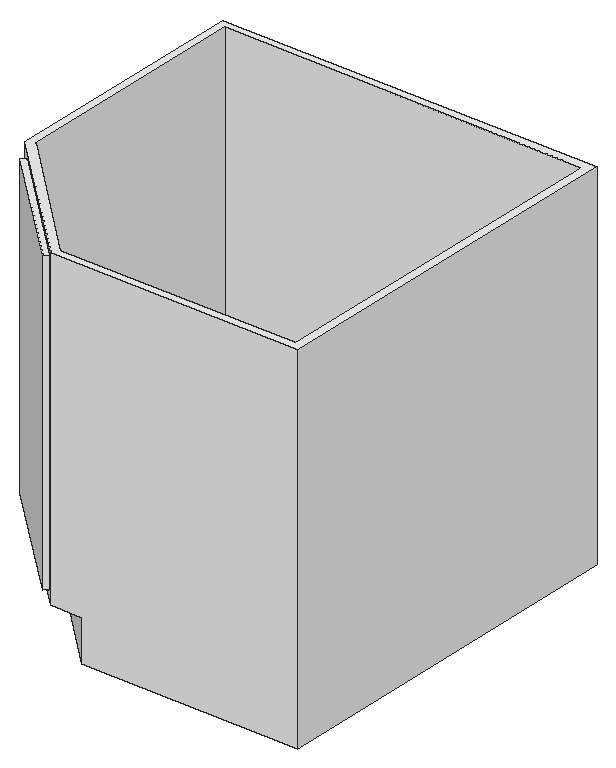
Revit family "M_Armário base-Unidade de canto-Angular", category Componentes de gabinete, Revit 2019
Family settings
  Número OmniClass = 23.40.35.17.47.11
  Título OmniClass = Kitchen Casework
  ID de item do Seek = Base Cabinet-Corner Unit-Angled-0000-CAN-ENU
  Com base no plano de trabalho = Não
  Sempre na vertical = Sim
  Corte com vazios quando carregada = Não
  Compartilhado = Não
  Ponto de cálculo do ambiente = Não
Parameters (values of type "900mm")
  Material do armário = none
  Linear = 900 mm
  Material da porta/gaveta = none
  Altura = 860 mm
  Altura do plinto = 100 mm
  Width = 900 mm
Reference planes
  plane 1 "Parte posterior": y = 0
  plane 2: z = 0
  plane 3 "Esquerda": x = -387.662
  plane 4 "Direita": x = 512.338
  plane 5 "Parte frontal": y = -900
  plane 6 "Superior": z = 860
  plane 7: z = 100
  plane 8: z = 840.95
  plane 9: z = 119.05
  plane 10: x = -368.612
  plane 11: x = 493.288
  plane 12: z = 802.85
  plane 13: z = 701.25
  plane 14: y = -595.2
  plane 15: x = -82.862
  plane 16: y = -519
  plane 17: x = -6.662
Forms (mm)
  Extrusion 1, solid, material <- "Material do armário"
    sketch origin (0, 0, 0) x (1, 0, 0) y (0, 1, 0)
      loop
        line (-387.662, 0) -> (-387.662, -519.622) -> (-6.662, -900) -> (512.338, -900) -> (512.338, 0) -> (-387.662, 0)
    from 0 to 100
  Extrusion 2, solid, material <- "Material do armário"
    sketch origin (0, 0, 0) x (1, 0, 0) y (0, 1, 0)
      loop
        line (-368.612, -19.05) -> (-368.612, -587.944) -> (-74.983, -880.95) -> (493.288, -880.95) -> (493.288, -19.05) -> (-368.612, -19.05)
    from 119.05 to 100
  Extrusion 3, solid, material <- "Material do armário"
    sketch origin (0, 0, 0) x (1, 0, 0) y (0, 1, 0)
      loop
        line (-387.662, 0) -> (-387.662, -595.846) -> (-368.612, -587.944) -> (-368.612, -19.05) -> (493.288, -19.05) -> (493.288, -880.95) -> (-74.983, -880.95) -> (-82.862, -900) -> (512.338, -900) -> (512.338, 0) -> (-387.662, 0)
    from 100 to 860
  Extrusion 4, solid, material <- "Material do armário"
    sketch origin (0, 0, 0) x (1, 0, 0) y (0, 1, 0)
      loop
        line (-387.662, -595.846) -> (-82.862, -900) -> (-74.983, -880.95) -> (-368.612, -587.944) -> (-387.662, -595.846)
    from 100 to 860
  Extrusion 5, void
    sketch origin (-387.662, -595.846, 860) x (0, 0, 1) y (0.707857, -0.706356, 0)
      loop
        line (-19.05, 30.942) -> (-19.05, 405.592) -> (-740.95, 405.592) -> (-740.95, 30.942) -> (-19.05, 30.942)
    from 0 to 19.05
  Extrusion 6, solid, material <- "Material da porta/gaveta"
    sketch origin (-387.662, -595.846, 860) x (0, 0, -1) y (0.707857, -0.706356, 0)
      loop
        line (19.05, 30.942) -> (740.95, 30.942) -> (740.95, 405.592) -> (19.05, 405.592) -> (19.05, 30.942)
    from -19.05 to 12.7
Cuts and joins
  Extrusion 5 cuts Extrusion 2
  Extrusion 5 cuts Extrusion 1
  Extrusion 5 cuts Extrusion 3
  Extrusion 5 cuts Extrusion 4
  joined: Extrusion 1, Extrusion 3, Extrusion 4
Lines and regions (mm)
  Masking region 1
    outline origin (0, 0, 0) x (1, 0, 0) y (0, 1, 0)
      loop
        line (-387.662, 0) -> (-387.662, -595.2) -> (-82.862, -900) -> (512.338, -900) -> (512.338, 0) -> (-387.662, 0)
Dimensions and locks
  "Linear": plane 5 "Parte frontal" to plane 1 "Parte posterior"
  "Linear": plane 3 "Esquerda" to plane 4 "Direita"
  "Altura": level to plane 6 "Superior"
  "Altura do plinto": plane 2 to plane 7
  locked: plane 3 "Esquerda" to plane 10 at 19.05
  locked: plane 11 to plane 4 "Direita" at 19.05
  locked: plane 6 "Superior" to plane 8 at 19.05
  locked: plane 9 to plane 7 at 19.05
  locked: plane 12 to plane 13 at 101.6
  plane 8 to plane 12 = 38.1 mm
  plane 5 "Parte frontal" to plane 14 = 304.8 mm
  plane 3 "Esquerda" to plane 15 = 304.8 mm
  plane 14 to plane 16 = 76.2 mm
  plane 15 to plane 17 = 76.2 mm
  aligned and locked: plane 1 "Parte posterior" to Extrusion 1 sketch curve
  aligned and locked: plane 4 "Direita" to Extrusion 1 sketch curve
  aligned and locked: Extrusion 1 sketch curve to plane 3 "Esquerda"
  aligned and locked: Extrusion 1 to level
  aligned and locked: Extrusion 2 to plane 9
  aligned and locked: plane 7 to Extrusion 2
  aligned and locked: Extrusion 1 to plane 7
  aligned and locked: Extrusion 1 sketch curve to plane 5 "Parte frontal"
  aligned and locked: Extrusion 3 to plane 6 "Superior"
  aligned and locked: plane 7 to Extrusion 3
  aligned and locked: Extrusion 4 to plane 6 "Superior"
  aligned and locked: plane 7 to Extrusion 4
  aligned and locked: plane 8 to Extrusion 6 sketch curve
  aligned and locked: Extrusion 6 sketch curve to plane 9
  aligned and locked: Extrusion 6 to cut or joined group of Extrusion 2, Extrusion 5
  aligned and locked: plane 1 "Parte posterior" to Masking region 1 sketch curve
  aligned and locked: plane 4 "Direita" to Masking region 1 sketch curve
  aligned and locked: Masking region 1 sketch curve to plane 5 "Parte frontal"
  aligned and locked: Masking region 1 sketch curve to plane 3 "Esquerda"
  aligned and locked: plane 14 to Masking region 1 sketch curve
  aligned and locked: plane 15 to Masking region 1 sketch curve
Automatic sketch dimensions
  Extrusion 1 sketch curve to plane 17 = 0 mm
  plane 16 to Extrusion 1 sketch curve = 0.622 mm
  Extrusion 3 sketch curve to plane 1 "Parte posterior" = 0 mm
  Extrusion 3 sketch curve to plane 3 "Esquerda" = 0 mm
  Extrusion 3 sketch curve to plane 10 = 0 mm
  Extrusion 3 sketch curve to plane 5 "Parte frontal" = 0 mm
  Extrusion 3 sketch curve to plane 15 = 0 mm
  Extrusion 3 sketch curve to plane 11 = 0 mm
  Extrusion 3 sketch curve to plane 4 "Direita" = 0 mm
  plane 15 to Extrusion 3 sketch curve = 7.879 mm
  Extrusion 3 sketch curve to plane 5 "Parte frontal" = 19.05 mm
  plane 14 to Extrusion 3 sketch curve = 0.646 mm
  Extrusion 3 sketch curve to plane 14 = 7.256 mm
  plane 1 "Parte posterior" to Extrusion 3 sketch curve = 19.05 mm
  Extrusion 4 sketch curve to plane 3 "Esquerda" = 0 mm
  Extrusion 4 sketch curve to plane 10 = 0 mm
  Extrusion 4 sketch curve to plane 5 "Parte frontal" = 0 mm
  Extrusion 4 sketch curve to plane 15 = 0 mm
  plane 15 to Extrusion 4 sketch curve = 7.879 mm
  Extrusion 4 sketch curve to plane 5 "Parte frontal" = 19.05 mm
  plane 14 to Extrusion 4 sketch curve = 0.646 mm
  Extrusion 4 sketch curve to plane 14 = 7.256 mm
  Extrusion 2 sketch curve to plane 10 = 0 mm
  Extrusion 2 sketch curve to plane 11 = 0 mm
  plane 15 to Extrusion 2 sketch curve = 7.879 mm
  Extrusion 2 sketch curve to plane 5 "Parte frontal" = 19.05 mm
  Extrusion 2 sketch curve to plane 14 = 7.256 mm
  plane 1 "Parte posterior" to Extrusion 2 sketch curve = 19.05 mm
  Extrusion 5 sketch curve to plane 9 = 0 mm
  Extrusion 5 sketch curve to plane 8 = 0 mm
  Extrusion 5 sketch curve to Extrusion 5 sketch curve = 374.65 mm
  Extrusion 6 sketch curve to Extrusion 6 sketch curve = 374.65 mm
